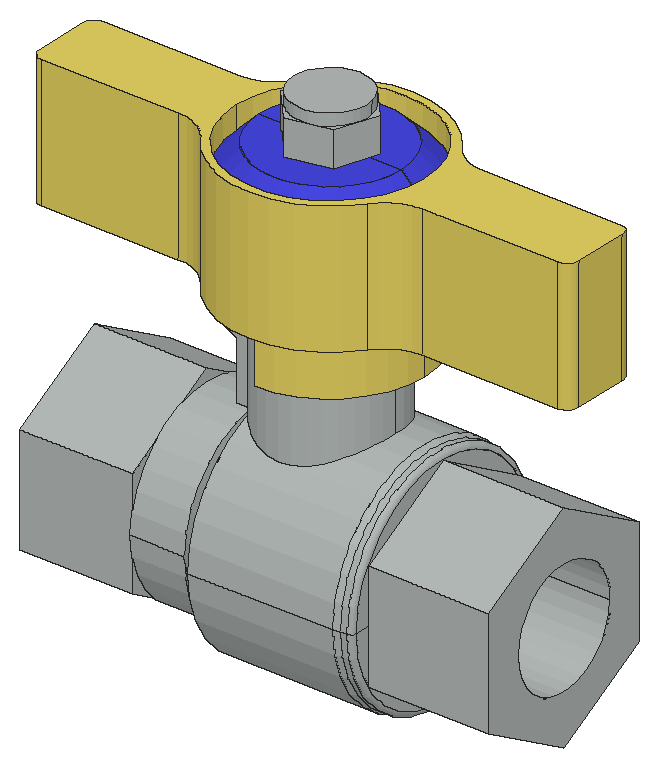
Revit family "QP00600000", category Apparecchi idraulici, Revit 2020
Family settings
  Quota connettore circolare = Usa diametro
  Tipo di parte = Normale
  Numero OmniClass = 23.45.00.00
  Titolo OmniClass = Sanitary, Laundry, and Cleaning Equipment
  Basato su piano di lavoro = No
  Sempre verticale = Sì
  Taglio con vuoti quando caricato = No
  Condiviso = No
  Punto di calcolo locali = No
Parameters
  URL = "https://web.cimberio.it/index.php/figura/363?subcategoria_id=95351"
  Temperatura di esercizio = "-20 ÷ 60°C"
  Prospetto di default = 0 mm
  Produttore = "CIMBERIO SPA"
  Pressione nominale = "MOP 5"
  Modello = "Cim 312G"
  Materiale = "Prodotto in lega di ottone conforme alla norma EN 12165-CW617N-DW"
  Descrizione = "Utilizzato nell’impiantistica distributiva di gas a bassa pressione per le categorie:\r\nGas naturali: gas derivati dal petrolio (Metano) e gas di ricambio.\r\nGas di città: prodotti secondo i diversi procedimenti (Cracking - Cokerie - ecc.).\r\nGas liquidi: propano e miscele di gas propano/butano."
  DN Model [instance] = QP00601015 : QP00601015
  DN [instance] = 15 mm
  Commenti sul tipo = "Realizzato in ottemperanza ai requisiti gestionali della norma EN ISO 9001.\r\nCollaudato al 100% secondo la normativa EN 12266-1."
Reference planes
  plane 1 "Centro (Fronte/Retro)": y = 0
  plane 2: z = 0
  plane 3 "Centro (Sinistra/Destra)": x = 0
Dimensions and locks
  aligned and locked: level to plane 2
Nested families
  nested 1: "QP00601015" at (0, 0, 0), type <- "DN Model", type "QP00601015"
  nested 2: "QP00601015" at (0, 0, 0), type <- "DN Model", type "QP00601015"
  nested 3: "QP00601015" at (0, 0, 0), type <- "DN Model", type "QP00601015"
  nested 4: "QP00601015" at (0, 0, 0), type <- "DN Model", type "QP00601015"
  nested 5: "QP00601015" at (0, 0, 0), type <- "DN Model", type "QP00601015"
  nested 6: "QP00601015" at (0, 0, 0), type <- "DN Model", type "QP00601015"
  nested 7: "QP00601015" at (0, 0, 0), type <- "DN Model", type "QP00601015"
  nested 8: "QP00601015" at (0, 0, 0), type <- "DN Model", type "QP00601015"
Connectors
  piping at (30.3, 0, 0), diameter 15, driven by "DN"
    settings: on nested 1, index 1, connector inside diameter 609.6 mm, connector length 0 mm, flow factor 0, pipe flow 0.0 L/s, pressure drop 0.0 Pa, fitting loss kfactor 0, connector angle 0.00°, fixture units 0, engagement length 0 mm, angle of deflection 0.00°, flow configuration 0, flow direction 0, fitting loss method 0, system type 7, joint type 0, gender type 0, connector reference index -1, connector utility 0, adjustable connector no, is connector primary yes, connector description ""
  piping at (-30.6, 0, 0), diameter 15, driven by "DN"
    settings: on nested 1, index 2, connector inside diameter 609.6 mm, connector length 0 mm, flow factor 0, pipe flow 0.0 L/s, pressure drop 0.0 Pa, fitting loss kfactor 0, connector angle 0.00°, fixture units 0, engagement length 0 mm, angle of deflection 0.00°, flow configuration 0, flow direction 0, fitting loss method 0, system type 7, joint type 0, gender type 0, connector reference index -1, connector utility 0, adjustable connector no, is connector primary no, connector description ""
Definition of nested family "QP00601015"
  Parameters (values of type "QP00601015")
    Default Elevation = 0 mm
  Reference planes
    plane 1 "Centro (Fronte/Retro)": y = 0
    plane 2: z = 0
    plane 3 "Centro (Sinistra/Destra)": x = 0
  Forms (mm)
    Extrusion 1, solid
      sketch origin (-16, 0, 0) x (0, 0, 1) y (0, 1, 0)
        loop
          circle (0, 0) r 7.5
        loop
          line (-14, 0) -> (-7, -12.124) -> (7, -12.124) -> (14, 0) -> (7, 12.124) -> (-7, 12.124) -> (-14, 0)
      from 0 to 14.6
    Extrusion 2, solid
      sketch origin (16, 0, 0) x (0, 0, 1) y (0, -1, 0)
        loop
          circle (0, 0) r 7.5
        loop
          line (-14, 0) -> (-7, -12.124) -> (7, -12.124) -> (14, 0) -> (7, 12.124) -> (-7, 12.124) -> (-14, 0)
      from -1.4 to 14.3
    Extrusion 3, solid
      sketch origin (0, 0, 28.55) x (1, 0, 0) y (0, 1, 0)
        loop
          circle (0, 0) r 8.45
        loop
          circle (0, 0) r 6.348
      from -20.832 to 5.337
    Revolve 4, solid
      sketch origin (0, 0, 0) x (1, 0, 0) y (0, 0, 1)
        loop
          line (0, 45.845) -> (-9.25, 45.845) -> (-12.25, 42.845) -> (-12.25, 22.845) -> (-8.92, 22.845) -> (-8.92, 33.247) -> (0, 33.247) -> (0, 45.845)
        axis (0, 45.845) -> (0, 22.845)
      angle from 0 to 360
    Extrusion 5, void
      sketch origin (0, 0, 28.55) x (1, 0, 0) y (0, 1, 0)
        loop
          line (-8.682, 0) -> (-12.25, 0)
          arc (-12.25, 0) -> (-8.662, -8.662) -> (0, -12.25) r 12.25
          line (0, -12.25) -> (0, -7.437)
          arc (0, -7.437) -> (-5.627, -5.22) -> (-8.682, 0) r 9.25
      from -7.705 to 0.295
    Extrusion 6, solid
      sketch origin (0, 0, 0) x (1, 0, 0) y (0, 0, 1)
        loop
          line (-13, 26.345) -> (-13, 21.045) -> (-11, 19.89) -> (-11, 11.799) -> (-6.613, 11.799) -> (-6.613, 26.345) -> (-13, 26.345)
      from 0 to 1.497
    Extrusion 7, solid
      sketch origin (0, 0, 45.845) x (-0.204612, 0.978843, 0) y (-0.978843, -0.204612, 0)
        loop
          line (0, 5.6) -> (-4.85, 2.8) -> (-4.85, -2.8) -> (0, -5.6) -> (4.85, -2.8) -> (4.85, 2.8) -> (0, 5.6)
      from 0 to 4.5
    Extrusion 8, solid
      sketch origin (0, 0, 50.345) x (-0.204612, 0.978843, 0) y (-0.978843, -0.204612, 0)
        loop
          circle (0, 0) r 4.75
      from 0 to 1.5
    Revolve 9, solid
      sketch origin (0, 0, 0) x (-0.204612, 0.978843, 0) y (-0.978843, -0.204612, 0)
        loop
          line (10.615, 14.127) -> (4.354, -15.826) -> (10.765, -17.166)
          arc (10.765, -17.166) -> (11.292, -17.066) -> (11.594, -16.624) r 0.7
          line (11.594, -16.624) -> (11.763, -15.815) -> (12.175, -15.065) -> (16.013, 3.293) -> (14.077, 6.252) -> (15.509, 13.104) -> (10.615, 14.127)
        axis (3.274, 15.661) -> (-2.987, -14.291)
      angle from 0 to 360
    Extrusion 10, solid
      sketch origin (0, 0, 50.345) x (-0.204612, 0.978843, 0) y (-0.978843, -0.204612, 0)
        loop
          arc (11.753, 31.726) -> (11.54, 32.854) -> (10.592, 33.501) r 1.5
          line (10.592, 33.501) -> (3.74, 34.933)
          arc (3.74, 34.933) -> (2.612, 34.72) -> (1.965, 33.772) r 1.5
          line (1.965, 33.772) -> (-1.657, 16.444)
          arc (-1.657, 16.444) -> (-2.893, 13.865) -> (-5.182, 12.15) r 6
          arc (-5.182, 12.15) -> (-12.965, 2.669) -> (-9.631, -9.137) r 13.25
          arc (-9.631, -9.137) -> (-8.221, -11.625) -> (-8.122, -14.483) r 6
          line (-8.122, -14.483) -> (-11.744, -31.811)
          arc (-11.744, -31.811) -> (-11.531, -32.939) -> (-10.583, -33.586) r 1.5
          line (-10.583, -33.586) -> (-3.731, -35.018)
          arc (-3.731, -35.018) -> (-2.603, -34.805) -> (-1.956, -33.857) r 1.5
          line (-1.956, -33.857) -> (1.667, -16.529)
          arc (1.667, -16.529) -> (2.902, -13.95) -> (5.191, -12.235) r 6
          arc (5.191, -12.235) -> (12.974, -2.754) -> (9.641, 9.052) r 13.25
          arc (9.641, 9.052) -> (8.23, 11.54) -> (8.131, 14.398) r 6
          line (8.131, 14.398) -> (11.753, 31.726)
        loop
          circle (0, 0) r 12.25
      from -21.5 to -4.5
  Cuts and joins
    Extrusion 5 cuts Revolve 4
    joined: Extrusion 3, Extrusion 6
  Dimensions and locks
    aligned and locked: level to plane 2
